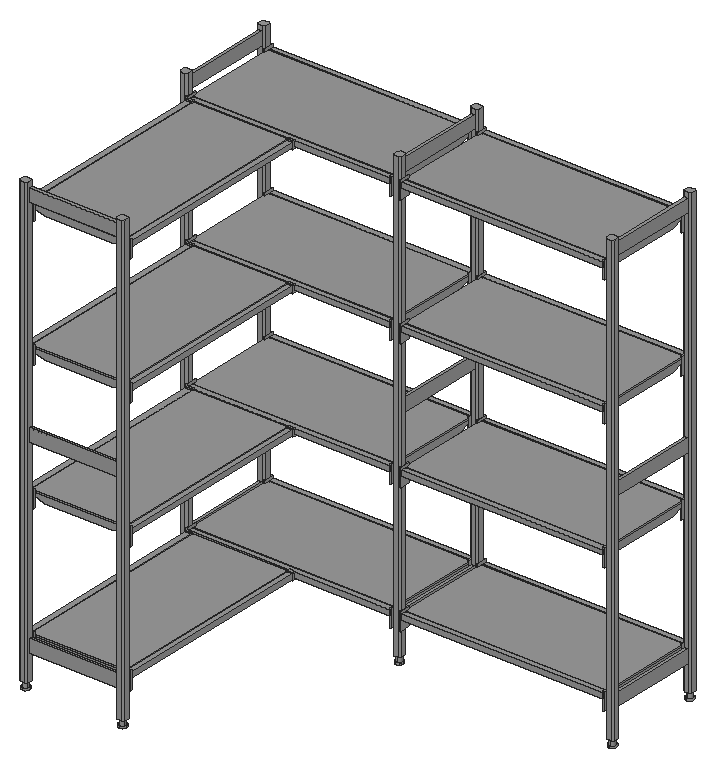
Revit family "QF_ZANUSSI_137090_CRS1612", category Attrezzature speciali, Revit 2020
Family settings
  Quota connettore circolare = Usa diametro
  Tipo di parte = Normale
  Basato su piano di lavoro = No
  Sempre verticale = Sì
  Taglio con vuoti quando caricato = No
  Condiviso = No
  Punto di calcolo locali = No
Parameters (values of type "Standard")
  Weight = 41.00 kg
  Watts = 0 W
  Volts = 0 V
  URL Manufacturer = "http://www.zanussiprofessional.com"
  URL = "http://www.zanussiprofessional.com"
  Steam Supply Size = 0 mm
  Steam Supply Minimum Pressure = 0.0 Pa
  Steam Supply Maximum Pressure = 0.0 Pa
  Steam Consumption per Hour = 0
  Refrigeration Suction Line Size = 0 mm
  Refrigeration Liquid Line Size = 0 mm
  Refrigerant Compressor Remote = yes
  Prospetto di default = 0 mm
  Produttore = "Zanussi"
  Phase = 0
  Modello = "CRS1612"
  Length Actual = 708 mm  # constant formula
  Item Number = "137090"
  Hot Water Size = 0 mm
  Height Actual = 1550 mm  # constant formula
  HP = "0 HP"
  Gas Size = 0 mm
  Gas KW = 0
  Gas Input Pressure = 0 W
  Direct Waste Size = 0 mm
  Descrizione = "ALUM.SHELV.,POLY.TIERS-COLDROOM 163X123"
  Depth Actual = 373 mm  # constant formula
  Cycle = 0 Hz
  Condensate Return Size = 0 mm
  Compressed Air Volume = 0.0 L/s
  Compressed Air Size = 0 mm
  Compressed Air Pressure = 0.0 Pa
  Cold Water Size = 0 mm
  Accessory = yes
Reference planes
  plane 1 "Center (Front/Back)": y = 0
  plane 2: z = 0
  plane 3 "Center (Left/Right)": x = 0
  plane 4: x = -815
  plane 5: y = 615
  plane 6: y = -615
  plane 7: x = 815
  plane 8: x = -758
  plane 9: x = 758
  plane 10: y = 558.5
  plane 11: y = -558.5
Forms (mm)
  Extrusion 1, solid, material "QF_Clearances", detail levels coarse
    sketch origin (0, 0, 0) x (1, 0, 0) y (0, 1, 0)
      loop
        line (-815, -615) -> (815, -615) -> (815, 615) -> (-815, 615) -> (-815, -615)
      loop
        line (758, -558.5) -> (758, 558.5) -> (-758, 558.5) -> (-758, -558.5) -> (758, -558.5)
    from 0 to 1590
Lines and regions (mm)
  symbolic lines, style "QF_Clearances"
    curve 1: line (-815, 615, 0) -> (-815, -615, 0)
    curve 2: line (815, 615, 0) -> (-815, 615, 0)
    curve 3: line (815, -615, 0) -> (815, 615, 0)
Dimensions and locks
  equal spacing: plane 5, plane 1 "Center (Front/Back)", plane 6
  plane 5 to plane 6 = 1230 mm
  equal spacing: plane 4, plane 3 "Center (Left/Right)", plane 7
  plane 4 to plane 7 = 1630 mm
  plane 4 to plane 8 = 57 mm
  plane 8 to plane 9 = 1516 mm
  plane 11 to plane 6 = 56.5 mm
  plane 10 to plane 11 = 1117 mm
  aligned and locked: level to plane 2
  aligned and locked: plane 4 to Extrusion 1 sketch curve
  aligned and locked: Extrusion 1 sketch curve to plane 5
  aligned and locked: Extrusion 1 sketch curve to plane 7
  aligned and locked: Extrusion 1 sketch curve to plane 8
  aligned and locked: plane 10 to Extrusion 1 sketch curve
  aligned and locked: plane 9 to Extrusion 1 sketch curve
  aligned and locked: Extrusion 1 sketch curve to plane 11
  aligned and locked: Extrusion 1 sketch curve to plane 6
Automatic sketch dimensions
  curve 1 to plane 4 = 0 mm
  curve 2 to plane 5 = 0 mm
  curve 2 to plane 7 = 0 mm
  curve 1 to plane 6 = 0 mm
  curve 3 to plane 6 = 0 mm
Nested families
  nested 1: "QF_708" at (-341, 535.5, 0), type "QF_708"
  nested 2: "QF_708" at (403, 535.5, 0), type "QF_708"
  nested 3: "QF_708G" at (-506.5, -9, 0), type "QF_708G"
Definition of nested family "QF_708"
  Parameters
    Default Elevation = 0 mm
    Model = "137010"
    Manufacturer = "Electrolux Professional"
    Description = ""
  Reference planes
    plane 1: z = 0
    plane 2 "Center (Left/Right)": x = -31
    plane 3 "LEFT": x = -417
    plane 4 "RIGHT": x = 355
    plane 5 "BACK": y = 23
    plane 6 "FRONT": y = -350
    plane 7 "TOP": z = 1700
    plane 8: x = 350
    plane 9: x = -385
    plane 10: x = 323
    plane 11 "Center (Front/Back)": y = -163.5
    plane 12: x = 318
    plane 13: y = -8.5
    plane 14: y = -318.5
    plane 15 "FEET": z = 25
    plane 16: z = 140
    plane 17: z = 590
    plane 18: z = 1040
    plane 19: z = 1490
    plane 20 "CXLeft": x = -403
    plane 21 "CXRight": x = 341
    plane 22: y = 5.5
    plane 23 "CYBack": y = 5.5
    plane 24 "CYFront": y = -332.5
  Forms (mm)
    Extrusion 1, solid
      sketch origin (-417, 0, 0) x (0, 1, 0) y (0, 0, 1)
        loop
          line (4, 1515.994) -> (4, 1497.998) -> (23, 1497.998) -> (23, 1515.994) -> (4, 1515.994)
        loop
          line (-331, 1515.994) -> (-350, 1515.994) -> (-350, 1497.998) -> (-331, 1497.998) -> (-331, 1515.994)
        loop
          line (4, 1065.994) -> (4, 1047.998) -> (23, 1047.998) -> (23, 1065.994) -> (4, 1065.994)
        loop
          line (-331, 1065.994) -> (-350, 1065.994) -> (-350, 1047.998) -> (-331, 1047.998) -> (-331, 1065.994)
        loop
          line (4, 615.994) -> (4, 597.998) -> (23, 597.998) -> (23, 615.994) -> (4, 615.994)
        loop
          line (-331, 615.994) -> (-350, 615.994) -> (-350, 597.998) -> (-331, 597.998) -> (-331, 615.994)
        loop
          line (4, 165.994) -> (4, 147.998) -> (23, 147.998) -> (23, 165.994) -> (4, 165.994)
        loop
          line (-331, 165.994) -> (-350, 165.994) -> (-350, 147.998) -> (-331, 147.998) -> (-331, 165.994)
      from 32 to 740
    Extrusion 2, solid
      sketch origin (-417, 0, 135) x (0, 1, 0) y (0, 0, 1)
        loop
          line (2.007, 1380.994) -> (-329, 1380.994) -> (-329, 1374.496) -> (2.007, 1374.496) -> (2.007, 1380.994)
        loop
          line (2.007, 930.994) -> (-329, 930.994) -> (-329, 924.496) -> (2.007, 924.496) -> (2.007, 930.994)
        loop
          line (2.007, 480.994) -> (-329, 480.994) -> (-329, 474.496) -> (2.007, 474.496) -> (2.007, 480.994)
        loop
          line (2.007, 30.994) -> (-329, 30.994) -> (-329, 24.496) -> (2.007, 24.496) -> (2.007, 30.994)
      from 32 to 740
    Extrusion 3, solid
      sketch origin (355, 0, 135) x (0, 1, 0) y (0, 0, 1)
        loop
          line (-12, 1362.998) -> (4, 1362.998) -> (4, 1380.994) -> (2.007, 1380.994) -> (2.007, 1374.496) -> (-329, 1374.496) -> (-329, 1380.994) -> (-331, 1380.994) -> (-331, 1362.998) -> (-315, 1362.998) -> (-281, 1350.994) -> (-46, 1350.994) -> (-12, 1362.998)
        loop
          line (-12, 912.998) -> (4, 912.998) -> (4, 930.994) -> (2.007, 930.994) -> (2.007, 924.496) -> (-329, 924.496) -> (-329, 930.994) -> (-331, 930.994) -> (-331, 912.998) -> (-315, 912.998) -> (-281, 900.994) -> (-46, 900.994) -> (-12, 912.998)
        loop
          line (-12, 462.998) -> (4, 462.998) -> (4, 480.994) -> (2.007, 480.994) -> (2.007, 474.496) -> (-329, 474.496) -> (-329, 480.994) -> (-331, 480.994) -> (-331, 462.998) -> (-315, 462.998) -> (-281, 450.994) -> (-46, 450.994) -> (-12, 462.998)
        loop
          line (-12, 12.998) -> (4, 12.998) -> (4, 30.994) -> (2.007, 30.994) -> (2.007, 24.496) -> (-329, 24.496) -> (-329, 30.994) -> (-331, 30.994) -> (-331, 12.998) -> (-315, 12.998) -> (-281, 0.994) -> (-46, 0.994) -> (-12, 12.998)
      from -32 to -37
  Lines and regions (mm)
    symbolic lines
      curve 1: line (323, 4, 1700) -> (-385, 4, 1700)
      curve 2: line (-389, 23, 1700) -> (327, 23, 1700)
      curve 3: line (327, 13.246, 1700) -> (333.254, 19.5, 1700)
      curve 4: line (333.254, -8.5, 1700) -> (327, -2.246, 1700)
      curve 5: line (333.254, -318.5, 1700) -> (327, -324.754, 1700)
      curve 6: line (-389, -350, 1700) -> (327, -350, 1700)
      curve 7: line (327, 23, 1700) -> (327, -12.993, 1700)
      curve 8: line (327, -12.993, 1700) -> (323, -12.993, 1700)
      curve 9: line (327, -350, 1700) -> (327, -314.007, 1700)
      curve 10: line (327, -314.007, 1700) -> (323, -314.007, 1700)
      curve 11: line (-385, -12.993, 1700) -> (-385, -314.007, 1700)
      curve 12: line (-385, -331, 1700) -> (323, -331, 1700)
      curve 13: line (323, -12.993, 1700) -> (323, -314.007, 1700)
  Dimensions and locks
    locked: plane 3 "LEFT" to plane 4 "RIGHT" at 772
    equal spacing: plane 3 "LEFT", plane 2 "Center (Left/Right)", plane 4 "RIGHT"
    locked: plane 7 "TOP" to level at 1700
    locked: plane 5 "BACK" to plane 6 "FRONT" at 373
    locked: plane 4 "RIGHT" to plane 8 at 5
    locked: plane 9 to plane 10 at 708
    locked: plane 3 "LEFT" to plane 9 at 32
    plane 12 to plane 10 = 5 mm
    locked: plane 13 to plane 14 at 310
    equal spacing: plane 13, plane 11 "Center (Front/Back)", plane 14
    equal spacing: plane 5 "BACK", plane 11 "Center (Front/Back)", plane 6 "FRONT"
    plane 15 "FEET" to level = 25 mm
    plane 7 "TOP" to plane 15 "FEET" = 1675 mm
    plane 17 to plane 16 = 450 mm
    plane 18 to plane 17 = 450 mm
    plane 19 to plane 18 = 450 mm
    locked: plane 3 "LEFT" to plane 20 "CXLeft" at 14
    locked: plane 21 "CXRight" to plane 4 "RIGHT" at 14
    locked: plane 5 "BACK" to plane 23 "CYBack" at 17.5
    locked: plane 24 "CYFront" to plane 6 "FRONT" at 17.5
    plane 16 to level = 140 mm
    plane 17 to level = 590 mm
    plane 18 to level = 1040 mm
    plane 19 to level = 1490 mm
    aligned and locked: level to plane 1
    aligned and locked: plane 9 to Extrusion 2
    aligned and locked: Extrusion 2 to plane 10
    aligned and locked: plane 9 to Extrusion 1
    aligned and locked: Extrusion 1 to plane 10
    aligned and locked: Extrusion 1 sketch curve to Extrusion 1 sketch curve  (x2)
    aligned and locked: Extrusion 3 sketch curve to Extrusion 3 sketch curve  (x3)
    aligned and locked: Extrusion 3 to plane 12
    aligned and locked: Extrusion 3 to plane 10
    aligned and locked: plane 20 "CXLeft" to nested 1
    aligned and locked: plane 21 "CXRight" to nested 2
  Automatic sketch dimensions
    Extrusion 1 sketch curve to plane 6 "FRONT" = 0 mm  (x4)
    Extrusion 1 sketch curve to plane 5 "BACK" = 0 mm  (x4)
    plane 24 "CYFront" to Extrusion 1 sketch curve = 1.5 mm  (x2)
    plane 22 to Extrusion 1 sketch curve = 1.5 mm  (x4)
    plane 16 to Extrusion 1 sketch curve = 7.998 mm  (x2)
    Extrusion 1 sketch curve to Extrusion 1 sketch curve = 17.997 mm  (x8)
    plane 17 to Extrusion 1 sketch curve = 7.998 mm  (x2)
    plane 18 to Extrusion 1 sketch curve = 7.998 mm  (x2)
    plane 19 to Extrusion 1 sketch curve = 7.998 mm  (x2)
    plane 24 "CYFront" to Extrusion 2 sketch curve = 3.5 mm  (x4)
    plane 22 to Extrusion 2 sketch curve = 3.493 mm  (x4)
    plane 16 to Extrusion 2 sketch curve = 19.496 mm
    Extrusion 2 sketch curve to Extrusion 2 sketch curve = 6.499 mm  (x4)
    plane 17 to Extrusion 2 sketch curve = 19.496 mm
    plane 18 to Extrusion 2 sketch curve = 19.496 mm
    plane 19 to Extrusion 2 sketch curve = 19.496 mm
    plane 24 "CYFront" to Extrusion 3 sketch curve = 1.5 mm  (x4)
    Extrusion 3 sketch curve to Extrusion 3 sketch curve = 2 mm
    plane 14 to Extrusion 3 sketch curve = 3.5 mm  (x4)
    Extrusion 3 sketch curve to plane 16 = 4.006 mm
    Extrusion 3 sketch curve to Extrusion 3 sketch curve = 34 mm  (x4)
    Extrusion 3 sketch curve to plane 17 = 4.006 mm
    Extrusion 3 sketch curve to plane 18 = 4.006 mm
    Extrusion 3 sketch curve to plane 19 = 4.006 mm
    Extrusion 3 sketch curve to plane 13 = 37.5 mm  (x4)
    Extrusion 3 sketch curve to plane 13 = 3.5 mm  (x4)
    plane 22 to Extrusion 3 sketch curve = 3.493 mm  (x4)
    plane 22 to Extrusion 3 sketch curve = 1.5 mm  (x4)
    plane 16 to Extrusion 3 sketch curve = 7.998 mm  (x2)
    Extrusion 3 sketch curve to Extrusion 3 sketch curve = 11.498 mm  (x4)
    Extrusion 3 sketch curve to Extrusion 3 sketch curve = 6.499 mm  (x8)
    plane 17 to Extrusion 3 sketch curve = 7.998 mm  (x2)
    plane 18 to Extrusion 3 sketch curve = 7.998 mm  (x2)
    plane 19 to Extrusion 3 sketch curve = 7.998 mm  (x2)
    curve 6 to plane 6 "FRONT" = 0 mm
    curve 12 to plane 9 = 0 mm
    curve 12 to plane 10 = 0 mm
    curve 5 to plane 14 = 0 mm
    curve 11 to plane 9 = 0 mm
    curve 8 to plane 10 = 0 mm
    curve 4 to plane 13 = 0 mm
    curve 1 to plane 9 = 0 mm
    curve 1 to plane 10 = 0 mm
    curve 2 to plane 5 "BACK" = 0 mm
    plane 14 to curve 10 = 4.493 mm
    curve 7 to plane 13 = 4.493 mm
    curve 10 to plane 10 = 4 mm
    curve 7 to plane 10 = 4 mm
    plane 24 "CYFront" to curve 12 = 1.5 mm
    curve 5 to plane 14 = 6.254 mm
    plane 14 to curve 11 = 4.493 mm
    curve 11 to plane 13 = 4.493 mm
    plane 13 to curve 4 = 6.254 mm
    plane 22 to curve 1 = 1.5 mm
    curve 3 to plane 22 = 7.746 mm
    curve 3 to plane 5 "BACK" = 3.5 mm
    curve 5 to curve 9 = 6.254 mm
    curve 3 to curve 2 = 6.254 mm
    curve 4 to curve 7 = 6.254 mm
    plane 9 to curve 2 = 4 mm
    plane 9 to curve 6 = 4 mm
  Nested families
    nested 1: "WT_Anta373B" at (0, 0, 0), type "WT_Anta373B"
    nested 2: "WT_Anta373B" at (-62, 0, 0) x (-1, 0, 0) z (0, 0, 1), type "WT_Anta373B"
  Definition of nested family "WT_Anta373B"
    Parameters
      WidthLeft = A + 64 mm  # 772 mm
      Width = 1606 mm
      Right = WidthLeft / 2  # 386 mm
      Default Elevation = 0 mm
      Left = -WidthLeft / 2  # -386 mm
      Height = 1590 mm
      FEET = 25 mm
      E = 0 mm
      Dint = Depth - 63 mm  # 310 mm
      Dext = Depth - 8 mm  # 365 mm
      Depth = 373 mm
      DX = (WidthLeft - A) / 2  # 32 mm
      B = 798 mm
      A = 708 mm
    Reference planes
      plane 1: z = 0
      plane 2 "LEFT": x = -417
      plane 3 "BACK": y = 23
      plane 4 "FRONT": y = -350
      plane 5 "TOP": z = 1590
      plane 6 "Center (Front/Back)": y = -163.5
      plane 7: y = -8.5
      plane 8: y = -318.5
      plane 9 "FEET": z = 25
      plane 10: z = 140
      plane 11: z = 590
      plane 12: z = 1040
      plane 13: z = 1490
      plane 14 "CXLeft": x = -403
      plane 15: y = 5.5
      plane 16 "CYBack": y = 5.5
      plane 17 "CYFront": y = -332.5
      plane 18: x = -385.031
      plane 19: x = -380.031
    Forms (mm)
      Extrusion 1, solid
        sketch origin (0, 0, 0) x (1, 0, 0) y (0, 1, 0)
          loop
            line (-417, 13.246) -> (-417, -2.246) -> (-410.746, -8.5) -> (-395.254, -8.5) -> (-389, -2.246) -> (-389, 13.246) -> (-395.254, 19.5) -> (-410.746, 19.5) -> (-417, 13.246)
        from 1590 to 25
      Extrusion 2, solid
        sketch origin (-417, 0, 0) x (0, 1, 0) y (0, 0, 1)
          loop
            line (23, 111.005) -> (23, 172.993) -> (-12.993, 172.993) -> (-12.993, 111.005) -> (23, 111.005)
          loop
            line (-350, 111.005) -> (-314.007, 111.005) -> (-314.007, 172.993) -> (-350, 172.993) -> (-350, 111.005)
          loop
            line (23, 561.005) -> (23, 622.993) -> (-12.993, 622.993) -> (-12.993, 561.005) -> (23, 561.005)
          loop
            line (-350, 561.005) -> (-314.007, 561.005) -> (-314.007, 622.993) -> (-350, 622.993) -> (-350, 561.005)
          loop
            line (23, 1011.005) -> (23, 1072.993) -> (-12.993, 1072.993) -> (-12.993, 1011.005) -> (23, 1011.005)
          loop
            line (-350, 1011.005) -> (-314.007, 1011.005) -> (-314.007, 1072.993) -> (-350, 1072.993) -> (-350, 1011.005)
          loop
            line (23, 1461.005) -> (23, 1522.993) -> (-12.993, 1522.993) -> (-12.993, 1461.005) -> (23, 1461.005)
          loop
            line (-350, 1461.005) -> (-314.007, 1461.005) -> (-314.007, 1522.993) -> (-350, 1522.993) -> (-350, 1461.005)
        from 28 to 32
      Revolve 3, solid
        sketch origin (-403, 0, 0) x (0, 1, 0) y (0, 0, 1)
          loop
            line (5.5, 25) -> (5.5, 0) -> (19, 0) -> (19, 5) -> (14, 5) -> (14, 25) -> (5.5, 25)
          axis (5.5, 25) -> (5.5, 0)
        angle from 0 to 360
      Extrusion 4, solid
        sketch origin (-403, 0, 0) x (0, 1, 0) y (0, 0, 1)
          loop
            line (-8.5, 777.382) -> (-8.5, 822.374) -> (-318.5, 822.374) -> (-318.5, 777.382) -> (-8.5, 777.382)
          loop
            line (-8.5, 1527.244) -> (-8.5, 1572.236) -> (-318.5, 1572.236) -> (-318.5, 1527.244) -> (-8.5, 1527.244)
        from -5 to 5
      Revolve 5, solid
        sketch origin (-403, -627, 0) x (0, -1, 0) y (0, 0, 1)
          loop
            line (-294.5, 25) -> (-294.5, 0) -> (-281, 0) -> (-281, 5) -> (-286, 5) -> (-286, 25) -> (-294.5, 25)
          axis (-294.5, 25) -> (-294.5, 0)
        angle from 0 to 360
      Extrusion 6, solid
        sketch origin (0, -627, 0) x (1, 0, 0) y (0, 1, 0)
          loop
            line (-417, 286.754) -> (-410.746, 280.5) -> (-395.254, 280.5) -> (-389, 286.754) -> (-389, 302.246) -> (-395.254, 308.5) -> (-410.746, 308.5) -> (-417, 302.246) -> (-417, 286.754)
        from 1590 to 25
      Extrusion 7, solid
        sketch origin (-417.031, -0.022, 0) x (0, 1, 0) y (0, 0, -1)
          loop
            line (-12, -1497.998) -> (-46, -1485.994) -> (-281, -1485.994) -> (-315, -1497.998) -> (-331, -1497.998) -> (-331, -1515.994) -> (-329, -1515.994) -> (-329, -1509.496) -> (2.007, -1509.496) -> (2.007, -1515.994) -> (4, -1515.994) -> (4, -1497.998) -> (-12, -1497.998)
          loop
            line (-12, -1047.998) -> (-46, -1035.994) -> (-281, -1035.994) -> (-315, -1047.998) -> (-331, -1047.998) -> (-331, -1065.994) -> (-329, -1065.994) -> (-329, -1059.496) -> (2.007, -1059.496) -> (2.007, -1065.994) -> (4, -1065.994) -> (4, -1047.998) -> (-12, -1047.998)
          loop
            line (-12, -597.998) -> (-46, -585.994) -> (-281, -585.994) -> (-315, -597.998) -> (-331, -597.998) -> (-331, -615.994) -> (-329, -615.994) -> (-329, -609.496) -> (2.007, -609.496) -> (2.007, -615.994) -> (4, -615.994) -> (4, -597.998) -> (-12, -597.998)
          loop
            line (-12, -147.998) -> (-46, -135.994) -> (-281, -135.994) -> (-315, -147.998) -> (-331, -147.998) -> (-331, -165.994) -> (-329, -165.994) -> (-329, -159.496) -> (2.007, -159.496) -> (2.007, -165.994) -> (4, -165.994) -> (4, -147.998) -> (-12, -147.998)
        from -32 to -37
      Extrusion 8, solid
        sketch origin (-403, 0, -659.878) x (0, 1, 0) y (0, 0, 1)
          loop
            line (-8.5, 777.382) -> (-8.5, 822.374) -> (-318.5, 822.374) -> (-318.5, 777.382) -> (-8.5, 777.382)
          loop
            line (-8.5, 1437.382) -> (-8.5, 1482.374) -> (-318.5, 1482.374) -> (-318.5, 1437.382) -> (-8.5, 1437.382)
          loop
            line (-8.5, 2187.382) -> (-8.5, 2232.374) -> (-318.5, 2232.374) -> (-318.5, 2187.382) -> (-8.5, 2187.382)
        from -5 to 5
    Lines and regions (mm)
      symbolic lines
        curve 1: line (-408, -8.5, 1590) -> (-408, -318.5, 1590)
        curve 2: line (-398, -318.5, 1590) -> (-398, -8.5, 1590)
        curve 3: line (-395.254, -8.5, 1590) -> (-410.746, -8.5, 1590)
        curve 4: line (-417, -2.246, 1590) -> (-410.746, -8.5, 1590)
        curve 5: line (-417, 13.246, 1590) -> (-417, -2.246, 1590)
        curve 6: line (-410.746, 19.5, 1590) -> (-417, 13.246, 1590)
        curve 7: line (-395.254, 19.5, 1590) -> (-410.746, 19.5, 1590)
        curve 8: line (-389, 13.246, 1590) -> (-395.254, 19.5, 1590)
        curve 9: line (-395.254, -8.5, 1590) -> (-389, -2.246, 1590)
        curve 10: line (-395.254, -318.5, 1590) -> (-410.746, -318.5, 1590)
        curve 11: line (-417, -324.754, 1590) -> (-410.746, -318.5, 1590)
        curve 12: line (-410.746, -346.5, 1590) -> (-417, -340.246, 1590)
        curve 13: line (-395.254, -346.5, 1590) -> (-410.746, -346.5, 1590)
        curve 14: line (-389, -340.246, 1590) -> (-395.254, -346.5, 1590)
        curve 15: line (-395.254, -318.5, 1590) -> (-389, -324.754, 1590)
        curve 16: line (-389, -350, 1590) -> (-389, -314.007, 1590)
        curve 17: line (-389, -314.007, 1590) -> (-385, -314.007, 1590)
        curve 18: line (-389, 23, 1590) -> (-389, -12.993, 1590)
        curve 19: line (-389, -12.993, 1590) -> (-385, -12.993, 1590)
        curve 20: line (-417, -324.754, 1590) -> (-417, -340.246, 1590)
        curve 21: line (-385, -350, 1590) -> (-385, -314.007, 1590)
        curve 22: line (-385, -350, 1590) -> (-389, -350, 1590)
        curve 23: line (-385, 23, 1590) -> (-389, 23, 1590)
        curve 24: line (-385, -12.993, 1590) -> (-385, 23, 1590)
        curve 25: line (-385.031, -13.016, 1725) -> (-385.031, -314.029, 1725)
    Dimensions and locks
      "Depth": plane 3 "BACK" to plane 4 "FRONT"
      "Dint": plane 7 to plane 8
      equal spacing: plane 7, plane 6 "Center (Front/Back)", plane 8
      equal spacing: plane 3 "BACK", plane 6 "Center (Front/Back)", plane 4 "FRONT"
      plane 9 "FEET" to level = 25 mm
      plane 10 to plane 9 "FEET" = 115 mm
      plane 11 to plane 10 = 450 mm
      plane 12 to plane 11 = 450 mm
      plane 13 to plane 12 = 450 mm
      locked: plane 2 "LEFT" to plane 14 "CXLeft" at 14
      locked: plane 3 "BACK" to plane 16 "CYBack" at 17.5
      locked: plane 17 "CYFront" to plane 4 "FRONT" at 17.5
      locked: Revolve 3 sketch curve to Revolve 3 sketch curve at 8.5
      locked: Revolve 3 sketch curve to plane 16 "CYBack" at 13.5
      locked: Revolve 5 sketch curve to Revolve 5 sketch curve at 8.5
      plane 10 to level = 140 mm
      plane 11 to level = 590 mm
      plane 12 to level = 1040 mm
      plane 13 to level = 1490 mm
      "Height": plane 5 "TOP" to level
      aligned and locked: level to plane 1
      aligned and locked: curve 20 to Extrusion 6
      aligned and locked: plane 5 "TOP" to Extrusion 1
      aligned and locked: plane 5 "TOP" to Extrusion 6
      aligned and locked: Extrusion 7 sketch curve to Extrusion 7 sketch curve  (x3)
    Automatic sketch dimensions
      curve 16 to plane 4 "FRONT" = 0 mm
      curve 11 to plane 8 = 0 mm
      curve 9 to plane 7 = 0 mm
      curve 5 to plane 2 "LEFT" = 0 mm
      curve 23 to plane 3 "BACK" = 0 mm
      plane 4 "FRONT" to curve 13 = 3.5 mm
      curve 20 to plane 17 "CYFront" = 7.746 mm
      curve 20 to plane 8 = 6.254 mm
      plane 8 to curve 16 = 4.493 mm
      curve 24 to plane 18 = 0.031 mm
      curve 24 to plane 7 = 4.493 mm
      plane 7 to curve 5 = 6.254 mm
      curve 5 to plane 15 = 7.746 mm
      curve 6 to plane 3 "BACK" = 3.5 mm
      curve 21 to plane 18 = 0.031 mm
      plane 18 to curve 23 = 3.969 mm
      plane 18 to curve 16 = 3.969 mm
      curve 18 to curve 8 = 6.254 mm
      curve 18 to curve 3 = 6.254 mm
      curve 16 to curve 13 = 6.254 mm
      curve 16 to curve 15 = 6.254 mm
      plane 2 "LEFT" to curve 10 = 6.254 mm
      plane 2 "LEFT" to curve 7 = 6.254 mm
      plane 2 "LEFT" to curve 12 = 6.254 mm
      plane 2 "LEFT" to curve 3 = 6.254 mm
      curve 14 to plane 17 "CYFront" = 7.746 mm
      curve 15 to plane 8 = 6.254 mm
      plane 7 to curve 9 = 6.254 mm
      curve 8 to plane 15 = 7.746 mm
      curve 3 to curve 2 = 2.746 mm
      curve 1 to curve 10 = 2.746 mm
      Extrusion 1 sketch curve to plane 2 "LEFT" = 0 mm
      Extrusion 1 sketch curve to plane 7 = 0 mm
      plane 2 "LEFT" to Extrusion 1 sketch curve = 6.254 mm  (x2)
      plane 14 "CXLeft" to Extrusion 1 sketch curve = 7.746 mm  (x2)
      Extrusion 1 sketch curve to plane 3 "BACK" = 3.5 mm
      plane 18 to Extrusion 1 sketch curve = 3.969 mm
      plane 7 to Extrusion 1 sketch curve = 6.254 mm  (x2)
      Extrusion 1 sketch curve to plane 15 = 7.746 mm  (x2)
      Extrusion 2 sketch curve to plane 4 "FRONT" = 0 mm  (x4)
      Extrusion 2 sketch curve to plane 3 "BACK" = 0 mm  (x4)
      plane 8 to Extrusion 2 sketch curve = 4.493 mm  (x4)
      Extrusion 2 sketch curve to plane 7 = 4.493 mm  (x4)
      Extrusion 2 sketch curve to plane 10 = 28.995 mm  (x2)
      plane 10 to Extrusion 2 sketch curve = 32.993 mm  (x2)
      Extrusion 2 sketch curve to plane 11 = 28.995 mm  (x2)
      plane 11 to Extrusion 2 sketch curve = 32.993 mm  (x2)
      Extrusion 2 sketch curve to plane 12 = 28.995 mm  (x2)
      plane 12 to Extrusion 2 sketch curve = 32.993 mm  (x2)
      Extrusion 2 sketch curve to plane 13 = 28.995 mm  (x2)
      plane 13 to Extrusion 2 sketch curve = 32.993 mm  (x2)
      Revolve 3 sketch curve to plane 9 "FEET" = 0 mm  (x2)
      Revolve 3 sketch curve to plane 15 = 0 mm  (x2)
      Revolve 3 sketch curve to level = 0 mm
      level to Revolve 3 sketch curve = 5 mm
      Revolve 3 sketch curve to Revolve 3 sketch curve = 11.655 mm
      Extrusion 4 sketch curve to plane 8 = 0 mm  (x2)
      Extrusion 4 sketch curve to plane 7 = 0 mm  (x2)
      plane 11 to Extrusion 4 sketch curve = 187.382 mm
      Extrusion 4 sketch curve to Extrusion 4 sketch curve = 44.992 mm
      plane 13 to Extrusion 4 sketch curve = 37.244 mm
      Extrusion 4 sketch curve to plane 5 "TOP" = 17.764 mm
      Revolve 5 sketch curve to plane 9 "FEET" = 0 mm  (x2)
      Revolve 5 sketch curve to plane 17 "CYFront" = 0 mm  (x2)
      Revolve 5 sketch curve to level = 0 mm
      Revolve 5 sketch curve to plane 4 "FRONT" = 4 mm
      Revolve 5 sketch curve to Revolve 5 sketch curve = 5 mm
      level to Revolve 5 sketch curve = 11.655 mm
      Extrusion 6 sketch curve to plane 2 "LEFT" = 0 mm
      Extrusion 6 sketch curve to plane 8 = 0 mm
      Extrusion 6 sketch curve to plane 2 "LEFT" = 6.254 mm  (x2)
      Extrusion 6 sketch curve to plane 14 "CXLeft" = 7.746 mm  (x2)
      Extrusion 6 sketch curve to plane 4 "FRONT" = 3.5 mm
      Extrusion 6 sketch curve to plane 18 = 3.969 mm
      plane 8 to Extrusion 6 sketch curve = 6.254 mm  (x2)
      plane 17 "CYFront" to Extrusion 6 sketch curve = 7.746 mm  (x2)
      plane 17 "CYFront" to Extrusion 7 sketch curve = 1.478 mm  (x4)
      Extrusion 7 sketch curve to Extrusion 7 sketch curve = 2 mm
      plane 8 to Extrusion 7 sketch curve = 3.478 mm  (x4)
      Extrusion 7 sketch curve to plane 10 = 4.006 mm
      Extrusion 7 sketch curve to Extrusion 7 sketch curve = 34 mm  (x4)
      Extrusion 7 sketch curve to plane 11 = 4.006 mm
      Extrusion 7 sketch curve to plane 12 = 4.006 mm
      Extrusion 7 sketch curve to plane 13 = 4.006 mm
      Extrusion 7 sketch curve to plane 7 = 37.522 mm  (x4)
      Extrusion 7 sketch curve to plane 7 = 3.522 mm  (x4)
      plane 15 to Extrusion 7 sketch curve = 3.516 mm  (x4)
      plane 15 to Extrusion 7 sketch curve = 1.522 mm  (x4)
      plane 13 to Extrusion 7 sketch curve = 7.998 mm  (x2)
      Extrusion 7 sketch curve to Extrusion 7 sketch curve = 11.498 mm
      Extrusion 7 sketch curve to Extrusion 7 sketch curve = 6.499 mm  (x5)
      plane 12 to Extrusion 7 sketch curve = 25.994 mm  (x2)
      plane 12 to Extrusion 7 sketch curve = 7.998 mm  (x2)
      plane 11 to Extrusion 7 sketch curve = 25.994 mm  (x2)
      plane 11 to Extrusion 7 sketch curve = 7.998 mm  (x2)
      plane 10 to Extrusion 7 sketch curve = 25.994 mm  (x2)
      plane 10 to Extrusion 7 sketch curve = 7.998 mm  (x2)
      curve 25 to plane 18 = 0 mm
      plane 8 to curve 25 = 4.471 mm
      curve 25 to plane 7 = 4.516 mm
      Extrusion 8 sketch curve to plane 8 = 0 mm  (x3)
      Extrusion 8 sketch curve to plane 7 = 0 mm  (x3)
      Extrusion 8 sketch curve to plane 10 = 22.496 mm
      plane 10 to Extrusion 8 sketch curve = 22.496 mm
      plane 11 to Extrusion 8 sketch curve = 187.504 mm
      Extrusion 8 sketch curve to Extrusion 8 sketch curve = 44.992 mm
      plane 13 to Extrusion 8 sketch curve = 37.504 mm
      Extrusion 8 sketch curve to plane 5 "TOP" = 17.504 mm
Definition of nested family "QF_708G"
  Parameters
    Default Elevation = 0 mm
    Model = "137030"
    Manufacturer = "Electrolux Professional"
    Description = ""
  Reference planes
    plane 1: z = 0
    plane 2 "Center (F/B)": y = -163.5
    plane 3 "Front": y = -549.5
    plane 4 "Left": x = -217.5
    plane 5 "Right": x = 155.5
    plane 6 "TOP": z = 1700
    plane 7: y = -517.5
    plane 8: y = 190.5
    plane 9 "Center (Left/Right)": x = -31
    plane 10: y = 185.5
    plane 11: x = -186
    plane 12: x = 124
    plane 13 "FEET": z = 25
    plane 14: z = 140
    plane 15: z = 590
    plane 16: z = 1040
    plane 17: z = 1490
    plane 18 "CXLeft": y = -535.5
    plane 19: x = -200
    plane 20 "CYBack": x = -200
    plane 21 "CYFront": x = 138
    plane 22 "Back": y = 194.5
    plane 23 "LEFT_ORIGIN": x = -251.5
    plane 24 "BACK_Origin": y = 567.5
  Forms (mm)
    Extrusion 1, solid
      sketch origin (0, -549.5, 0) x (-1, 0, 0) y (0, 0, 1)
        loop
          line (198.5, 1515.994) -> (198.5, 1497.998) -> (217.5, 1497.998) -> (217.5, 1515.994) -> (198.5, 1515.994)
        loop
          line (-136.5, 1515.994) -> (-155.5, 1515.994) -> (-155.5, 1497.998) -> (-136.5, 1497.998) -> (-136.5, 1515.994)
        loop
          line (198.5, 1065.994) -> (198.5, 1047.998) -> (217.5, 1047.998) -> (217.5, 1065.994) -> (198.5, 1065.994)
        loop
          line (-136.5, 1065.994) -> (-155.5, 1065.994) -> (-155.5, 1047.998) -> (-136.5, 1047.998) -> (-136.5, 1065.994)
        loop
          line (198.5, 615.994) -> (198.5, 597.998) -> (217.5, 597.998) -> (217.5, 615.994) -> (198.5, 615.994)
        loop
          line (-136.5, 615.994) -> (-155.5, 615.994) -> (-155.5, 597.998) -> (-136.5, 597.998) -> (-136.5, 615.994)
        loop
          line (198.5, 165.994) -> (198.5, 147.998) -> (217.5, 147.998) -> (217.5, 165.994) -> (198.5, 165.994)
        loop
          line (-136.5, 165.994) -> (-155.5, 165.994) -> (-155.5, 147.998) -> (-136.5, 147.998) -> (-136.5, 165.994)
      from 32 to 740
    Extrusion 2, solid
      sketch origin (0, -549.5, 0) x (-1, 0, 0) y (0, 0, 1)
        loop
          line (196.507, 1515.994) -> (-134.5, 1515.994) -> (-134.5, 1509.496) -> (196.507, 1509.496) -> (196.507, 1515.994)
        loop
          line (196.507, 1065.994) -> (-134.5, 1065.994) -> (-134.5, 1059.496) -> (196.507, 1059.496) -> (196.507, 1065.994)
        loop
          line (196.507, 615.994) -> (-134.5, 615.994) -> (-134.5, 609.496) -> (196.507, 609.496) -> (196.507, 615.994)
        loop
          line (196.507, 165.994) -> (-134.5, 165.994) -> (-134.5, 159.496) -> (196.507, 159.496) -> (196.507, 165.994)
      from 32 to 740
  Lines and regions (mm)
    symbolic lines
      curve 1: line (-198.5, 190.5, 1700) -> (-198.5, -517.5, 1700)
      curve 2: line (-217.5, -521.5, 1700) -> (-217.5, 190.5, 1700)
      curve 3: line (155.5, -521.5, 1700) -> (155.5, 190.5, 1700)
      curve 4: line (-181.507, -517.5, 1700) -> (119.507, -517.5, 1700)
      curve 5: line (136.5, -517.5, 1700) -> (136.5, 190.5, 1700)
      curve 6: line (-198.5, 190.5, 1700) -> (136.5, 190.5, 1700)
  Dimensions and locks
    plane 3 "Front" to plane 2 "Center (F/B)" = 386 mm
    locked: plane 4 "Left" to plane 5 "Right" at 373
    locked: plane 7 to plane 8 at 708
    locked: plane 3 "Front" to plane 7 at 32
    plane 10 to plane 8 = 5 mm
    locked: plane 11 to plane 12 at 310
    equal spacing: plane 11, plane 9 "Center (Left/Right)", plane 12
    equal spacing: plane 4 "Left", plane 9 "Center (Left/Right)", plane 5 "Right"
    locked: plane 3 "Front" to plane 18 "CXLeft" at 14
    locked: plane 3 "Front" to plane 22 "Back" at 744
    plane 23 "LEFT_ORIGIN" to plane 5 "Right" = 407 mm
    locked: plane 22 "Back" to plane 24 "BACK_Origin" at 373
    plane 14 to level = 140 mm
    plane 15 to level = 590 mm
    plane 16 to level = 1040 mm
    locked: plane 6 "TOP" to level at 1700
    plane 17 to level = 1490 mm
    plane 13 "FEET" to level = 25 mm
    aligned and locked: level to plane 1
    aligned and locked: Extrusion 2 to plane 7
    aligned and locked: plane 8 to Extrusion 2
    aligned and locked: Extrusion 1 to plane 7
    aligned and locked: plane 8 to Extrusion 1
    aligned and locked: Extrusion 1 sketch curve to Extrusion 1 sketch curve  (x2)
    aligned and locked: nested 1 to plane 18 "CXLeft"
    aligned and locked: nested 2 to plane 10
  Automatic sketch dimensions
    curve 2 to plane 4 "Left" = 0 mm
    curve 3 to plane 5 "Right" = 0 mm
    plane 7 to curve 1 = 0 mm
    plane 7 to curve 4 = 0 mm
    plane 7 to curve 5 = 0 mm
    plane 8 to curve 2 = 0 mm
    plane 8 to curve 1 = 0 mm
    plane 8 to curve 3 = 0 mm
    plane 21 "CYFront" to curve 5 = 1.5 mm
    plane 19 to curve 6 = 1.5 mm
    plane 7 to curve 3 = 4 mm
    plane 7 to curve 2 = 4 mm
    plane 12 to curve 4 = 4.493 mm
    curve 4 to plane 11 = 4.493 mm
    plane 5 "Right" to Extrusion 1 sketch curve = 0 mm  (x4)
    plane 4 "Left" to Extrusion 1 sketch curve = 0 mm  (x4)
    plane 21 "CYFront" to Extrusion 1 sketch curve = 1.5 mm  (x2)
    plane 19 to Extrusion 1 sketch curve = 1.5 mm  (x4)
    plane 14 to Extrusion 1 sketch curve = 7.998 mm  (x2)
    Extrusion 1 sketch curve to Extrusion 1 sketch curve = 17.997 mm  (x8)
    plane 15 to Extrusion 1 sketch curve = 7.998 mm  (x2)
    plane 16 to Extrusion 1 sketch curve = 7.998 mm  (x2)
    plane 17 to Extrusion 1 sketch curve = 7.998 mm  (x2)
    plane 21 "CYFront" to Extrusion 2 sketch curve = 3.5 mm  (x4)
    plane 19 to Extrusion 2 sketch curve = 3.493 mm  (x4)
    plane 14 to Extrusion 2 sketch curve = 19.496 mm
    Extrusion 2 sketch curve to Extrusion 2 sketch curve = 6.499 mm  (x4)
    plane 15 to Extrusion 2 sketch curve = 19.496 mm
    plane 16 to Extrusion 2 sketch curve = 19.496 mm
    plane 17 to Extrusion 2 sketch curve = 19.496 mm
  Nested families
    nested 1: "WT_Anta373B" at (-194.5, -132.5, 0) x (0, 1, 0) z (0, 0, 1), type "WT_Anta373B"
    nested 2: "WT_Aggancio373B" at (-194.5, 602.5, 0) x (0, 1, 0) z (0, 0, 1), type "WT_Aggancio373B"
  Definition of nested family "WT_Anta373B"
    Parameters
      WidthLeft = A + 64 mm  # 772 mm
      Width = 1606 mm
      Right = WidthLeft / 2  # 386 mm
      Default Elevation = 0 mm
      Left = -WidthLeft / 2  # -386 mm
      Height = 1590 mm
      FEET = 25 mm
      E = 0 mm
      Dint = Depth - 63 mm  # 310 mm
      Dext = Depth - 8 mm  # 365 mm
      Depth = 373 mm
      DX = (WidthLeft - A) / 2  # 32 mm
      B = 798 mm
      A = 708 mm
    Reference planes
      plane 1: z = 0
      plane 2 "LEFT": x = -417
      plane 3 "BACK": y = 23
      plane 4 "FRONT": y = -350
      plane 5 "TOP": z = 1590
      plane 6 "Center (Front/Back)": y = -163.5
      plane 7: y = -8.5
      plane 8: y = -318.5
      plane 9 "FEET": z = 25
      plane 10: z = 140
      plane 11: z = 590
      plane 12: z = 1040
      plane 13: z = 1490
      plane 14 "CXLeft": x = -403
      plane 15: y = 5.5
      plane 16 "CYBack": y = 5.5
      plane 17 "CYFront": y = -332.5
      plane 18: x = -385.031
      plane 19: x = -380.031
    Forms (mm)
      Extrusion 1, solid
        sketch origin (0, 0, 0) x (1, 0, 0) y (0, 1, 0)
          loop
            line (-417, 13.246) -> (-417, -2.246) -> (-410.746, -8.5) -> (-395.254, -8.5) -> (-389, -2.246) -> (-389, 13.246) -> (-395.254, 19.5) -> (-410.746, 19.5) -> (-417, 13.246)
        from 1590 to 25
      Extrusion 2, solid
        sketch origin (-417, 0, 0) x (0, 1, 0) y (0, 0, 1)
          loop
            line (23, 111.005) -> (23, 172.993) -> (-12.993, 172.993) -> (-12.993, 111.005) -> (23, 111.005)
          loop
            line (-350, 111.005) -> (-314.007, 111.005) -> (-314.007, 172.993) -> (-350, 172.993) -> (-350, 111.005)
          loop
            line (23, 561.005) -> (23, 622.993) -> (-12.993, 622.993) -> (-12.993, 561.005) -> (23, 561.005)
          loop
            line (-350, 561.005) -> (-314.007, 561.005) -> (-314.007, 622.993) -> (-350, 622.993) -> (-350, 561.005)
          loop
            line (23, 1011.005) -> (23, 1072.993) -> (-12.993, 1072.993) -> (-12.993, 1011.005) -> (23, 1011.005)
          loop
            line (-350, 1011.005) -> (-314.007, 1011.005) -> (-314.007, 1072.993) -> (-350, 1072.993) -> (-350, 1011.005)
          loop
            line (23, 1461.005) -> (23, 1522.993) -> (-12.993, 1522.993) -> (-12.993, 1461.005) -> (23, 1461.005)
          loop
            line (-350, 1461.005) -> (-314.007, 1461.005) -> (-314.007, 1522.993) -> (-350, 1522.993) -> (-350, 1461.005)
        from 28 to 32
      Revolve 3, solid
        sketch origin (-403, 0, 0) x (0, 1, 0) y (0, 0, 1)
          loop
            line (5.5, 25) -> (5.5, 0) -> (19, 0) -> (19, 5) -> (14, 5) -> (14, 25) -> (5.5, 25)
          axis (5.5, 25) -> (5.5, 0)
        angle from 0 to 360
      Extrusion 4, solid
        sketch origin (-403, 0, 0) x (0, 1, 0) y (0, 0, 1)
          loop
            line (-8.5, 777.382) -> (-8.5, 822.374) -> (-318.5, 822.374) -> (-318.5, 777.382) -> (-8.5, 777.382)
          loop
            line (-8.5, 1527.244) -> (-8.5, 1572.236) -> (-318.5, 1572.236) -> (-318.5, 1527.244) -> (-8.5, 1527.244)
        from -5 to 5
      Revolve 5, solid
        sketch origin (-403, -627, 0) x (0, -1, 0) y (0, 0, 1)
          loop
            line (-294.5, 25) -> (-294.5, 0) -> (-281, 0) -> (-281, 5) -> (-286, 5) -> (-286, 25) -> (-294.5, 25)
          axis (-294.5, 25) -> (-294.5, 0)
        angle from 0 to 360
      Extrusion 6, solid
        sketch origin (0, -627, 0) x (1, 0, 0) y (0, 1, 0)
          loop
            line (-417, 286.754) -> (-410.746, 280.5) -> (-395.254, 280.5) -> (-389, 286.754) -> (-389, 302.246) -> (-395.254, 308.5) -> (-410.746, 308.5) -> (-417, 302.246) -> (-417, 286.754)
        from 1590 to 25
      Extrusion 7, solid
        sketch origin (-417.031, -0.022, 0) x (0, 1, 0) y (0, 0, -1)
          loop
            line (-12, -1497.998) -> (-46, -1485.994) -> (-281, -1485.994) -> (-315, -1497.998) -> (-331, -1497.998) -> (-331, -1515.994) -> (-329, -1515.994) -> (-329, -1509.496) -> (2.007, -1509.496) -> (2.007, -1515.994) -> (4, -1515.994) -> (4, -1497.998) -> (-12, -1497.998)
          loop
            line (-12, -1047.998) -> (-46, -1035.994) -> (-281, -1035.994) -> (-315, -1047.998) -> (-331, -1047.998) -> (-331, -1065.994) -> (-329, -1065.994) -> (-329, -1059.496) -> (2.007, -1059.496) -> (2.007, -1065.994) -> (4, -1065.994) -> (4, -1047.998) -> (-12, -1047.998)
          loop
            line (-12, -597.998) -> (-46, -585.994) -> (-281, -585.994) -> (-315, -597.998) -> (-331, -597.998) -> (-331, -615.994) -> (-329, -615.994) -> (-329, -609.496) -> (2.007, -609.496) -> (2.007, -615.994) -> (4, -615.994) -> (4, -597.998) -> (-12, -597.998)
          loop
            line (-12, -147.998) -> (-46, -135.994) -> (-281, -135.994) -> (-315, -147.998) -> (-331, -147.998) -> (-331, -165.994) -> (-329, -165.994) -> (-329, -159.496) -> (2.007, -159.496) -> (2.007, -165.994) -> (4, -165.994) -> (4, -147.998) -> (-12, -147.998)
        from -32 to -37
      Extrusion 8, solid
        sketch origin (-403, 0, -659.878) x (0, 1, 0) y (0, 0, 1)
          loop
            line (-8.5, 777.382) -> (-8.5, 822.374) -> (-318.5, 822.374) -> (-318.5, 777.382) -> (-8.5, 777.382)
          loop
            line (-8.5, 1437.382) -> (-8.5, 1482.374) -> (-318.5, 1482.374) -> (-318.5, 1437.382) -> (-8.5, 1437.382)
          loop
            line (-8.5, 2187.382) -> (-8.5, 2232.374) -> (-318.5, 2232.374) -> (-318.5, 2187.382) -> (-8.5, 2187.382)
        from -5 to 5
    Lines and regions (mm)
      symbolic lines
        curve 1: line (-408, -8.5, 1590) -> (-408, -318.5, 1590)
        curve 2: line (-398, -318.5, 1590) -> (-398, -8.5, 1590)
        curve 3: line (-395.254, -8.5, 1590) -> (-410.746, -8.5, 1590)
        curve 4: line (-417, -2.246, 1590) -> (-410.746, -8.5, 1590)
        curve 5: line (-417, 13.246, 1590) -> (-417, -2.246, 1590)
        curve 6: line (-410.746, 19.5, 1590) -> (-417, 13.246, 1590)
        curve 7: line (-395.254, 19.5, 1590) -> (-410.746, 19.5, 1590)
        curve 8: line (-389, 13.246, 1590) -> (-395.254, 19.5, 1590)
        curve 9: line (-395.254, -8.5, 1590) -> (-389, -2.246, 1590)
        curve 10: line (-395.254, -318.5, 1590) -> (-410.746, -318.5, 1590)
        curve 11: line (-417, -324.754, 1590) -> (-410.746, -318.5, 1590)
        curve 12: line (-410.746, -346.5, 1590) -> (-417, -340.246, 1590)
        curve 13: line (-395.254, -346.5, 1590) -> (-410.746, -346.5, 1590)
        curve 14: line (-389, -340.246, 1590) -> (-395.254, -346.5, 1590)
        curve 15: line (-395.254, -318.5, 1590) -> (-389, -324.754, 1590)
        curve 16: line (-389, -350, 1590) -> (-389, -314.007, 1590)
        curve 17: line (-389, -314.007, 1590) -> (-385, -314.007, 1590)
        curve 18: line (-389, 23, 1590) -> (-389, -12.993, 1590)
        curve 19: line (-389, -12.993, 1590) -> (-385, -12.993, 1590)
        curve 20: line (-417, -324.754, 1590) -> (-417, -340.246, 1590)
        curve 21: line (-385, -350, 1590) -> (-385, -314.007, 1590)
        curve 22: line (-385, -350, 1590) -> (-389, -350, 1590)
        curve 23: line (-385, 23, 1590) -> (-389, 23, 1590)
        curve 24: line (-385, -12.993, 1590) -> (-385, 23, 1590)
        curve 25: line (-385.031, -13.016, 1725) -> (-385.031, -314.029, 1725)
    Dimensions and locks
      "Depth": plane 3 "BACK" to plane 4 "FRONT"
      "Dint": plane 7 to plane 8
      equal spacing: plane 7, plane 6 "Center (Front/Back)", plane 8
      equal spacing: plane 3 "BACK", plane 6 "Center (Front/Back)", plane 4 "FRONT"
      plane 9 "FEET" to level = 25 mm
      plane 10 to plane 9 "FEET" = 115 mm
      plane 11 to plane 10 = 450 mm
      plane 12 to plane 11 = 450 mm
      plane 13 to plane 12 = 450 mm
      locked: plane 2 "LEFT" to plane 14 "CXLeft" at 14
      locked: plane 3 "BACK" to plane 16 "CYBack" at 17.5
      locked: plane 17 "CYFront" to plane 4 "FRONT" at 17.5
      locked: Revolve 3 sketch curve to Revolve 3 sketch curve at 8.5
      locked: Revolve 3 sketch curve to plane 16 "CYBack" at 13.5
      locked: Revolve 5 sketch curve to Revolve 5 sketch curve at 8.5
      plane 10 to level = 140 mm
      plane 11 to level = 590 mm
      plane 12 to level = 1040 mm
      plane 13 to level = 1490 mm
      "Height": plane 5 "TOP" to level
      aligned and locked: level to plane 1
      aligned and locked: curve 20 to Extrusion 6
      aligned and locked: plane 5 "TOP" to Extrusion 1
      aligned and locked: plane 5 "TOP" to Extrusion 6
      aligned and locked: Extrusion 7 sketch curve to Extrusion 7 sketch curve  (x3)
    Automatic sketch dimensions
      curve 16 to plane 4 "FRONT" = 0 mm
      curve 11 to plane 8 = 0 mm
      curve 9 to plane 7 = 0 mm
      curve 5 to plane 2 "LEFT" = 0 mm
      curve 23 to plane 3 "BACK" = 0 mm
      plane 4 "FRONT" to curve 13 = 3.5 mm
      curve 20 to plane 17 "CYFront" = 7.746 mm
      curve 20 to plane 8 = 6.254 mm
      plane 8 to curve 16 = 4.493 mm
      curve 24 to plane 18 = 0.031 mm
      curve 24 to plane 7 = 4.493 mm
      plane 7 to curve 5 = 6.254 mm
      curve 5 to plane 15 = 7.746 mm
      curve 6 to plane 3 "BACK" = 3.5 mm
      curve 21 to plane 18 = 0.031 mm
      plane 18 to curve 23 = 3.969 mm
      plane 18 to curve 16 = 3.969 mm
      curve 18 to curve 8 = 6.254 mm
      curve 18 to curve 3 = 6.254 mm
      curve 16 to curve 13 = 6.254 mm
      curve 16 to curve 15 = 6.254 mm
      plane 2 "LEFT" to curve 10 = 6.254 mm
      plane 2 "LEFT" to curve 7 = 6.254 mm
      plane 2 "LEFT" to curve 12 = 6.254 mm
      plane 2 "LEFT" to curve 3 = 6.254 mm
      curve 14 to plane 17 "CYFront" = 7.746 mm
      curve 15 to plane 8 = 6.254 mm
      plane 7 to curve 9 = 6.254 mm
      curve 8 to plane 15 = 7.746 mm
      curve 3 to curve 2 = 2.746 mm
      curve 1 to curve 10 = 2.746 mm
      Extrusion 1 sketch curve to plane 2 "LEFT" = 0 mm
      Extrusion 1 sketch curve to plane 7 = 0 mm
      plane 2 "LEFT" to Extrusion 1 sketch curve = 6.254 mm  (x2)
      plane 14 "CXLeft" to Extrusion 1 sketch curve = 7.746 mm  (x2)
      Extrusion 1 sketch curve to plane 3 "BACK" = 3.5 mm
      plane 18 to Extrusion 1 sketch curve = 3.969 mm
      plane 7 to Extrusion 1 sketch curve = 6.254 mm  (x2)
      Extrusion 1 sketch curve to plane 15 = 7.746 mm  (x2)
      Extrusion 2 sketch curve to plane 4 "FRONT" = 0 mm  (x4)
      Extrusion 2 sketch curve to plane 3 "BACK" = 0 mm  (x4)
      plane 8 to Extrusion 2 sketch curve = 4.493 mm  (x4)
      Extrusion 2 sketch curve to plane 7 = 4.493 mm  (x4)
      Extrusion 2 sketch curve to plane 10 = 28.995 mm  (x2)
      plane 10 to Extrusion 2 sketch curve = 32.993 mm  (x2)
      Extrusion 2 sketch curve to plane 11 = 28.995 mm  (x2)
      plane 11 to Extrusion 2 sketch curve = 32.993 mm  (x2)
      Extrusion 2 sketch curve to plane 12 = 28.995 mm  (x2)
      plane 12 to Extrusion 2 sketch curve = 32.993 mm  (x2)
      Extrusion 2 sketch curve to plane 13 = 28.995 mm  (x2)
      plane 13 to Extrusion 2 sketch curve = 32.993 mm  (x2)
      Revolve 3 sketch curve to plane 9 "FEET" = 0 mm  (x2)
      Revolve 3 sketch curve to plane 15 = 0 mm  (x2)
      Revolve 3 sketch curve to level = 0 mm
      level to Revolve 3 sketch curve = 5 mm
      Revolve 3 sketch curve to Revolve 3 sketch curve = 11.655 mm
      Extrusion 4 sketch curve to plane 8 = 0 mm  (x2)
      Extrusion 4 sketch curve to plane 7 = 0 mm  (x2)
      plane 11 to Extrusion 4 sketch curve = 187.382 mm
      Extrusion 4 sketch curve to Extrusion 4 sketch curve = 44.992 mm
      plane 13 to Extrusion 4 sketch curve = 37.244 mm
      Extrusion 4 sketch curve to plane 5 "TOP" = 17.764 mm
      Revolve 5 sketch curve to plane 9 "FEET" = 0 mm  (x2)
      Revolve 5 sketch curve to plane 17 "CYFront" = 0 mm  (x2)
      Revolve 5 sketch curve to level = 0 mm
      Revolve 5 sketch curve to plane 4 "FRONT" = 4 mm
      Revolve 5 sketch curve to Revolve 5 sketch curve = 5 mm
      level to Revolve 5 sketch curve = 11.655 mm
      Extrusion 6 sketch curve to plane 2 "LEFT" = 0 mm
      Extrusion 6 sketch curve to plane 8 = 0 mm
      Extrusion 6 sketch curve to plane 2 "LEFT" = 6.254 mm  (x2)
      Extrusion 6 sketch curve to plane 14 "CXLeft" = 7.746 mm  (x2)
      Extrusion 6 sketch curve to plane 4 "FRONT" = 3.5 mm
      Extrusion 6 sketch curve to plane 18 = 3.969 mm
      plane 8 to Extrusion 6 sketch curve = 6.254 mm  (x2)
      plane 17 "CYFront" to Extrusion 6 sketch curve = 7.746 mm  (x2)
      plane 17 "CYFront" to Extrusion 7 sketch curve = 1.478 mm  (x4)
      Extrusion 7 sketch curve to Extrusion 7 sketch curve = 2 mm
      plane 8 to Extrusion 7 sketch curve = 3.478 mm  (x4)
      Extrusion 7 sketch curve to plane 10 = 4.006 mm
      Extrusion 7 sketch curve to Extrusion 7 sketch curve = 34 mm  (x4)
      Extrusion 7 sketch curve to plane 11 = 4.006 mm
      Extrusion 7 sketch curve to plane 12 = 4.006 mm
      Extrusion 7 sketch curve to plane 13 = 4.006 mm
      Extrusion 7 sketch curve to plane 7 = 37.522 mm  (x4)
      Extrusion 7 sketch curve to plane 7 = 3.522 mm  (x4)
      plane 15 to Extrusion 7 sketch curve = 3.516 mm  (x4)
      plane 15 to Extrusion 7 sketch curve = 1.522 mm  (x4)
      plane 13 to Extrusion 7 sketch curve = 7.998 mm  (x2)
      Extrusion 7 sketch curve to Extrusion 7 sketch curve = 11.498 mm
      Extrusion 7 sketch curve to Extrusion 7 sketch curve = 6.499 mm  (x5)
      plane 12 to Extrusion 7 sketch curve = 25.994 mm  (x2)
      plane 12 to Extrusion 7 sketch curve = 7.998 mm  (x2)
      plane 11 to Extrusion 7 sketch curve = 25.994 mm  (x2)
      plane 11 to Extrusion 7 sketch curve = 7.998 mm  (x2)
      plane 10 to Extrusion 7 sketch curve = 25.994 mm  (x2)
      plane 10 to Extrusion 7 sketch curve = 7.998 mm  (x2)
      curve 25 to plane 18 = 0 mm
      plane 8 to curve 25 = 4.471 mm
      curve 25 to plane 7 = 4.516 mm
      Extrusion 8 sketch curve to plane 8 = 0 mm  (x3)
      Extrusion 8 sketch curve to plane 7 = 0 mm  (x3)
      Extrusion 8 sketch curve to plane 10 = 22.496 mm
      plane 10 to Extrusion 8 sketch curve = 22.496 mm
      plane 11 to Extrusion 8 sketch curve = 187.504 mm
      Extrusion 8 sketch curve to Extrusion 8 sketch curve = 44.992 mm
      plane 13 to Extrusion 8 sketch curve = 37.504 mm
      Extrusion 8 sketch curve to plane 5 "TOP" = 17.504 mm
  Definition of nested family "WT_Aggancio373B"
    Parameters
      WidthLeft = A + 64 mm  # 772 mm
      Width = 1606 mm
      Right = WidthLeft / 2  # 386 mm
      Default Elevation = 0 mm
      Left = -WidthLeft / 2  # -386 mm
      Height = 1590 mm
      FEET = 25 mm
      E = 0 mm
      Dint = Depth - 63 mm  # 310 mm
      Dext = Depth - 8 mm  # 365 mm
      Depth = 373 mm
      DX = (WidthLeft - A) / 2  # 32 mm
      B = 798 mm
      A = 708 mm
    Reference planes
      plane 1: z = 0
      plane 2 "LEFT": x = -417
      plane 3 "BACK": y = 23
      plane 4 "FRONT": y = -350
      plane 5 "TOP": z = 1590
      plane 6 "Center (Front/Back)": y = -163.5
      plane 7: y = -8.5
      plane 8: y = -318.5
      plane 9 "FEET": z = 25
      plane 10: z = 140
      plane 11: z = 590
      plane 12: z = 1040
      plane 13: z = 1490
      plane 14: y = 5.5
      plane 15 "CYBack": y = 5.5
      plane 16 "CYFront": y = -332.5
    Forms (mm)
      Extrusion 1, solid
        sketch origin (-380, -0.022, 0) x (0, 1, 0) y (0, 0, 1)
          loop
            line (-12, 1497.998) -> (4, 1497.998) -> (4, 1515.994) -> (2.007, 1515.994) -> (2.007, 1509.496) -> (-329, 1509.496) -> (-329, 1515.994) -> (-331, 1515.994) -> (-331, 1497.998) -> (-315, 1497.998) -> (-281, 1485.994) -> (-46, 1485.994) -> (-12, 1497.998)
          loop
            line (-12, 1047.998) -> (4, 1047.998) -> (4, 1065.994) -> (2.007, 1065.994) -> (2.007, 1059.496) -> (-329, 1059.496) -> (-329, 1065.994) -> (-331, 1065.994) -> (-331, 1047.998) -> (-315, 1047.998) -> (-281, 1035.994) -> (-46, 1035.994) -> (-12, 1047.998)
          loop
            line (-12, 597.998) -> (4, 597.998) -> (4, 615.994) -> (2.007, 615.994) -> (2.007, 609.496) -> (-329, 609.496) -> (-329, 615.994) -> (-331, 615.994) -> (-331, 597.998) -> (-315, 597.998) -> (-281, 585.994) -> (-46, 585.994) -> (-12, 597.998)
          loop
            line (-12, 147.998) -> (4, 147.998) -> (4, 165.994) -> (2.007, 165.994) -> (2.007, 159.496) -> (-329, 159.496) -> (-329, 165.994) -> (-331, 165.994) -> (-331, 147.998) -> (-315, 147.998) -> (-281, 135.994) -> (-46, 135.994) -> (-12, 147.998)
        from -32 to -37
      Extrusion 2, solid
        sketch origin (-793.062, -324.754, 6.5) x (1, 0, 0) y (0, 0, 1)
          loop
            line (385.062, 1509.496) -> (385.062, 1512.496) -> (376.062, 1512.496) -> (376.062, 1485.994) -> (390.031, 1485.994) -> (390.031, 1491.496) -> (381.062, 1491.496) -> (381.062, 1509.496) -> (385.062, 1509.496)
          loop
            line (385.062, 1059.496) -> (385.062, 1062.496) -> (376.062, 1062.496) -> (376.062, 1035.994) -> (390.031, 1035.994) -> (390.031, 1041.496) -> (381.062, 1041.496) -> (381.062, 1059.496) -> (385.062, 1059.496)
          loop
            line (385.062, 609.496) -> (385.062, 612.496) -> (376.062, 612.496) -> (376.062, 585.994) -> (390.031, 585.994) -> (390.031, 591.496) -> (381.062, 591.496) -> (381.062, 609.496) -> (385.062, 609.496)
          loop
            line (385.062, 159.496) -> (385.062, 162.496) -> (376.062, 162.496) -> (376.062, 135.994) -> (390.031, 135.994) -> (390.031, 141.496) -> (381.062, 141.496) -> (381.062, 159.496) -> (385.062, 159.496)
        from 6.268 to 25.246
      Extrusion 3, solid
        sketch origin (-793.062, 32.754, 6.5) x (1, 0, 0) y (0, 0, 1)
          loop
            line (385.062, 1509.496) -> (385.062, 1512.496) -> (376.062, 1512.496) -> (376.062, 1485.994) -> (390.031, 1485.994) -> (390.031, 1491.496) -> (381.062, 1491.496) -> (381.062, 1509.496) -> (385.062, 1509.496)
          loop
            line (385.062, 1059.496) -> (385.062, 1062.496) -> (376.062, 1062.496) -> (376.062, 1035.994) -> (390.031, 1035.994) -> (390.031, 1041.496) -> (381.062, 1041.496) -> (381.062, 1059.496) -> (385.062, 1059.496)
          loop
            line (385.062, 609.496) -> (385.062, 612.496) -> (376.062, 612.496) -> (376.062, 585.994) -> (390.031, 585.994) -> (390.031, 591.496) -> (381.062, 591.496) -> (381.062, 609.496) -> (385.062, 609.496)
          loop
            line (385.062, 159.496) -> (385.062, 162.496) -> (376.062, 162.496) -> (376.062, 135.994) -> (390.031, 135.994) -> (390.031, 141.496) -> (381.062, 141.496) -> (381.062, 159.496) -> (385.062, 159.496)
        from 9.754 to 28.776
    Lines and regions (mm)
      symbolic lines
        curve 1: line (-412, -350, 0) -> (-408, -350, 0)
        curve 2: line (-412, -331.022, 0) -> (-412, -350, 0)
        curve 3: line (-408, -331.022, 0) -> (-412, -331.022, 0)
        curve 4: line (-408, -350, 0) -> (-408, -331.022, 0)
        curve 5: line (-412, 3.978, 0) -> (-408, 3.978, 0)
        curve 6: line (-412, 23, 0) -> (-412, 3.978, 0)
        curve 7: line (-408, 23, 0) -> (-412, 23, 0)
        curve 8: line (-408, 3.978, 0) -> (-408, 23, 0)
    Dimensions and locks
      "Height": plane 5 "TOP" to level
      "Depth": plane 3 "BACK" to plane 4 "FRONT"
      "Dint": plane 7 to plane 8
      equal spacing: plane 7, plane 6 "Center (Front/Back)", plane 8
      equal spacing: plane 3 "BACK", plane 6 "Center (Front/Back)", plane 4 "FRONT"
      plane 9 "FEET" to level = 25 mm
      plane 10 to plane 9 "FEET" = 115 mm
      locked: plane 11 to plane 10 at 450
      locked: plane 12 to plane 11 at 450
      locked: plane 13 to plane 12 at 450
      locked: plane 3 "BACK" to plane 15 "CYBack" at 17.5
      locked: plane 16 "CYFront" to plane 4 "FRONT" at 17.5
      aligned and locked: level to plane 1
      aligned and locked: Extrusion 1 sketch curve to Extrusion 1 sketch curve  (x3)
    Automatic sketch dimensions
      plane 16 "CYFront" to Extrusion 1 sketch curve = 1.478 mm  (x4)
      Extrusion 1 sketch curve to Extrusion 1 sketch curve = 2 mm
      plane 8 to Extrusion 1 sketch curve = 3.478 mm  (x4)
      Extrusion 1 sketch curve to plane 10 = 4.006 mm
      Extrusion 1 sketch curve to Extrusion 1 sketch curve = 34 mm  (x4)
      Extrusion 1 sketch curve to plane 11 = 4.006 mm
      Extrusion 1 sketch curve to plane 12 = 4.006 mm
      Extrusion 1 sketch curve to plane 13 = 4.006 mm
      Extrusion 1 sketch curve to plane 7 = 37.522 mm  (x4)
      Extrusion 1 sketch curve to plane 7 = 3.522 mm  (x4)
      plane 14 to Extrusion 1 sketch curve = 3.516 mm  (x4)
      plane 14 to Extrusion 1 sketch curve = 1.522 mm  (x4)
      plane 10 to Extrusion 1 sketch curve = 7.998 mm  (x2)
      Extrusion 1 sketch curve to Extrusion 1 sketch curve = 11.498 mm  (x4)
      Extrusion 1 sketch curve to Extrusion 1 sketch curve = 6.499 mm  (x8)
      plane 11 to Extrusion 1 sketch curve = 7.998 mm  (x2)
      plane 12 to Extrusion 1 sketch curve = 7.998 mm  (x2)
      plane 13 to Extrusion 1 sketch curve = 7.998 mm  (x2)
      plane 2 "LEFT" to Extrusion 2 sketch curve = 0 mm  (x4)
      plane 13 to Extrusion 2 sketch curve = 7.996 mm
      plane 11 to Extrusion 2 sketch curve = 7.996 mm
      Extrusion 2 sketch curve to Extrusion 2 sketch curve = 5 mm  (x4)
      plane 11 to Extrusion 2 sketch curve = 2.494 mm
      plane 10 to Extrusion 2 sketch curve = 28.996 mm
      Extrusion 2 sketch curve to Extrusion 2 sketch curve = 3 mm  (x4)
      plane 10 to Extrusion 2 sketch curve = 7.996 mm
      plane 10 to Extrusion 2 sketch curve = 2.494 mm
      Extrusion 2 sketch curve to Extrusion 2 sketch curve = 18 mm  (x3)
      plane 12 to Extrusion 2 sketch curve = 2.494 mm
      plane 12 to Extrusion 2 sketch curve = 7.996 mm
      plane 13 to Extrusion 2 sketch curve = 2.494 mm
      plane 2 "LEFT" to Extrusion 3 sketch curve = 0 mm  (x4)
      plane 13 to Extrusion 3 sketch curve = 7.996 mm
      plane 11 to Extrusion 3 sketch curve = 7.996 mm
      Extrusion 3 sketch curve to Extrusion 3 sketch curve = 5 mm  (x4)
      plane 11 to Extrusion 3 sketch curve = 2.494 mm
      plane 10 to Extrusion 3 sketch curve = 28.996 mm
      Extrusion 3 sketch curve to Extrusion 3 sketch curve = 3 mm  (x4)
      plane 10 to Extrusion 3 sketch curve = 7.996 mm
      plane 10 to Extrusion 3 sketch curve = 2.494 mm
      Extrusion 3 sketch curve to Extrusion 3 sketch curve = 18 mm  (x3)
      plane 12 to Extrusion 3 sketch curve = 2.494 mm
      plane 12 to Extrusion 3 sketch curve = 7.996 mm
      plane 13 to Extrusion 3 sketch curve = 2.494 mm
      plane 2 "LEFT" to curve 1 = 5 mm
      plane 2 "LEFT" to curve 7 = 5 mm
      curve 1 to plane 16 "CYFront" = 17.5 mm
      curve 3 to plane 8 = 12.522 mm
      plane 7 to curve 5 = 12.478 mm
      curve 7 to plane 14 = 17.5 mm
      curve 5 to curve 5 = 4 mm
      curve 1 to curve 4 = 4 mm
      Extrusion 2 sketch curve to Extrusion 2 sketch curve = 4 mm  (x4)
      Extrusion 2 sketch curve to Extrusion 2 sketch curve = 8.969 mm  (x4)
      Extrusion 3 sketch curve to Extrusion 3 sketch curve = 4 mm  (x4)
      Extrusion 3 sketch curve to Extrusion 3 sketch curve = 8.969 mm  (x4)
